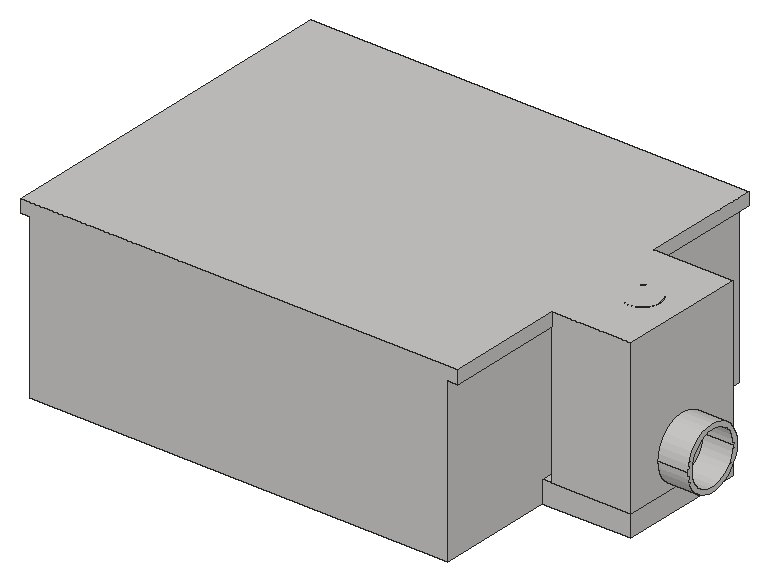
Revit family "Low_Profile_Grease_Interceptor-Zurn-Z1171", category Plumbing Fixtures, Revit 2022
Family settings
  Round Connector Dimension = Use Radius
  Part Type = Normal
  OmniClass Number = 23.45.30.00
  OmniClass Title = Washing and Waste Disposal Equipment
  Work Plane-Based = No
  Always vertical = Yes
  Cut with Voids When Loaded = No
  Maintain Annotation Orientation = No
  Shared = No
  Room Calculation Point = No
Parameters (values of type "Z1171-500 (3 Inch 20 G.P.M)")
  Width of Body (G) = 20.750"
  Waste Connection = 1 = 1  # yes
  WFU = 0  # constant formula
  Vent Connection = 1 = 0  # no
  URL = "www.zurn.com"
  Type Comments = ""
  Product data url = "https://www.bimobject.com/en/zurnindustries/product/zurn-z1171"
  Product Page URL = "https://www.zurn.com/products/drainage-interceptors/interceptors/grease-interceptor/z1171"
  Product Installation Sheet URL = "https://files.zurn.com/care-cleaning-install-warranty-sheets/it110-(1).pdf"
  Product Documentation Link = "https://files.zurn.com/spec-sheets/z1171.pdf"
  Overall Length (F) = 32.375"
  Modified Date = "07/24/25"  # constant formula
  Model = "Z1171"
  Manufacurer Brand = "Zurn"  # constant formula
  Manufacturer = "Zurn Water, LLC"  # constant formula
  Main Material = Steel - Zurn - Fabricated - Acid resistant Coated
  Inlet/Outlet Diameter (Nominal) = 3.000"
  Inlet/Outlet Diameter (Actual) = 3.500"
  Inlet/Outlet Connetor Radius = 1.500"  # constant formula
  Inlet/Outlet (D/E) = 3.125"
  Height of Body (C) = 10.000"
  HWFU = 0  # constant formula
  HW Connection = 1 = 0  # no
  Dimension (H) = 6.750"
  Description = "Low Profile Grease Interceptor"  # constant formula
  Default Elevation = 20.000"  # constant formula
  Date Created = "09/29/15"  # constant formula
  Cutout = [Width of Body (G)] / 2  # 10.375"
  Capacity Water Gal = 15.000"
  Capacity Grease Lbs = 40.000"
  CWFU = 1  # constant formula
  CW Connection = 1 = 0  # no
  Assembly Code = "D2090300"
  Approx. Weight (Lbs) = 102.000"
Types (7): name | Width of Body (G) | Overall Length (F) | Model | Main Material | Inlet/Outlet (D/E) | Height of Body (C) | Dimension (H) | Cutout | Capacity Water Gal | Capacity Grease Lbs | Approx. Weight (Lbs)
  (no name) | 20.750" | 32.375" | "Z1171" | Steel - Zurn - Fabricated - Acid resistant Coated | 3.125" | 10.000" | 6.750" | 10.375" | 15.000" | 40.000" | 102.000"
  Z1171-500 (3 Inch 20 G.P.M) | 20.750" | 32.375" | "Z1171" | Steel - Zurn - Fabricated - Acid resistant Coated | 3.125" | 10.000" | 6.750" | 10.375" | 15.000" | 40.000" | 102.000"
  Z1171-700 (3 Inch 35 G.P.M) | 29.000" | 43.500" | "Z1171" | Steel - Zurn - Fabricated - Acid resistant Coated | 3.313" | 10.750" | 7.000" | 14.500" | 30.000" | 70.000" | 172.000"
  Z1171-800 (3 Inch 50 G.P.M) | 29.000" | 49.875" | "Z1171" | Steel - Zurn - Fabricated - Acid resistant Coated | 10.000" | 16.000" | 10.000" | 14.500" | 45.000" | 100.000" | 210.000"
  ZS1171-500 (3 Inch 20 G.P.M) | 20.750" | 32.375" | "ZS1171" | Steel - Zurn - Fabricated Stainless - Type 304 | 3.125" | 10.000" | 6.750" | 10.375" | 15.000" | 40.000" | 102.000"
  ZS1171-700 (3 Inch 35 G.P.M) | 29.000" | 43.500" | "ZS1171" | Steel - Zurn - Fabricated Stainless - Type 304 | 3.313" | 10.750" | 7.000" | 14.500" | 30.000" | 70.000" | 172.000"
  ZS1171-800 (3 Inch 50 G.P.M) | 29.000" | 49.875" | "ZS1171" | Steel - Zurn - Fabricated Stainless - Type 304 | 10.000" | 16.000" | 10.000" | 14.500" | 45.000" | 100.000" | 210.000"
Reference planes (in)
  plane 1 "Center (Front/Back)": y = 0
  plane 2: z = 0
  plane 3 "Center (Left/Right)": x = 0
  plane 4: x = -16.1875
  plane 5: x = 16.1875
  plane 6: z = 10
  plane 7: z = 9.25
  plane 8 "Connections": z = 3.125
  plane 9: x = 14.4375
  plane 10: x = -15
  plane 11: x = -14.4375
  plane 12: y = -10.375
  plane 13: y = -6.75
  plane 14: y = -14
  plane 15: y = -20.75
  plane 16 "Outlet Side": x = 9.3745
  plane 17: z = 1.375
  plane 18: z = 4.875
  plane 19: x = 9.9375
  plane 20: z = 1.25
  plane 21: z = 6.75
  plane 22: z = 9.125
  plane 23: z = 0.125
  plane 24: x = 9.2495
  plane 25: x = -14.3125
  plane 26: y = -0.125
  plane 27: y = -20.625
  plane 28: x = 9.2495
  plane 29: x = -14.3125
  plane 30: y = -8.625
  plane 31: y = -12.125
  plane 32: x = 12.1875
Forms (in)
  Extrusion 1, solid, material "Steel - Zurn - Fabricated - Acid resistant Coated" <- "Main Material", detail levels fine
    sketch origin (0, 0, 0) x (1, 0, 0) y (0, 0, 1)
      loop
        line (-15, 10) -> (-15, 9.25) -> (-14.4375, 9.25) -> (-14.4375, 0) -> (9.3745, 0) -> (9.3745, 9.25) -> (9.9375, 9.25) -> (9.9375, 10) -> (-15, 10)
    from 0 to 20.75
  Extrusion 2, solid, material "Steel - Zurn - Fabricated - Acid resistant Coated" <- "Main Material", detail levels fine
    sketch origin (0, 0, 0) x (1, 0, 0) y (0, 1, 0)
      loop
        line (9.9375, -6.75) -> (9.9375, -14) -> (14.4375, -14) -> (14.4375, -6.75) -> (9.9375, -6.75)
    from 1.25 to 10
  Extrusion 3, solid, material "Steel - Zurn - Fabricated - Acid resistant Coated" <- "Main Material", detail levels fine
    sketch origin (0, 0, 0) x (0, 1, 0) y (0, 0, 1)
      loop
        circle (-10.375, 3.125) r 1.75
    from 14.4375 to 16.1875
  Extrusion 4, solid, material "Steel - Zurn - Fabricated - Acid resistant Coated" <- "Main Material", detail levels fine
    sketch origin (0, 0, 0) x (0, 1, 0) y (0, 0, 1)
      loop
        circle (-10.375, 3.125) r 1.75
    from -16.1875 to -14.4375
  Extrusion 5, void, detail levels fine
    sketch origin (0, 0, 0) x (0, 1, 0) y (0, 0, 1)
      loop
        circle (-10.375, 3.125) r 1.5
    from 14.4375 to 16.1875
  Extrusion 6, solid, material "Steel - Zurn - Fabricated - Acid resistant Coated" <- "Main Material", detail levels fine
    sketch origin (0, 0, 0) x (1, 0, 0) y (0, 0, 1)
      loop
        line (9.3745, 1.25) -> (9.3745, 0) -> (14.4375, 0) -> (14.4375, 1.25) -> (9.3745, 1.25)
    from 6.75 to 14
  Extrusion 7, void, detail levels fine
    sketch origin (0, 0, 0) x (0, 1, 0) y (0, 0, 1)
      loop
        circle (-10.375, 3.125) r 1.5
    from -16.1875 to -14.4375
  Extrusion 8, void
    sketch origin (0, 0, 0) x (1, 0, 0) y (0, 0, 1)
      loop
        line (-14.3125, 9.125) -> (-14.3125, 0.125) -> (9.2495, 0.125) -> (9.2495, 9.125) -> (-14.3125, 9.125)
    from 0.125 to 20.625
  Extrusion 9, solid, material "Steel - Zurn - Fabricated - Acid resistant Coated" <- "Main Material", detail levels fine
    sketch origin (-27.24362, -180, 3.125) x (-1, 0, 0) y (0, -1, 0)
      loop
        circle (-39.43112, -169.625) r 1
    from 6.125 to 6.875
Cuts and joins
  Extrusion 5, Extrusion 7, Extrusion 8 cuts Extrusion 1
  Extrusion 5, Extrusion 7, Extrusion 8 cuts Extrusion 2
  joined: Extrusion 1, Extrusion 2
  Extrusion 5 cuts Extrusion 3
  Extrusion 7 cuts Extrusion 4
Lines and regions (in)
  Masking region 1, detail levels fine
    outline origin (-27.24362, -180, 3.125) x (-1, 0, 0) y (0, -1, 0)
      loop
        line (-37.18112, -180) -> (-12.24362, -180) -> (-12.24362, -171.375) -> (-11.05612, -171.375) -> (-11.05612, -167.875) -> (-12.24362, -167.875) -> (-12.24362, -159.25) -> (-37.18112, -159.25) -> (-37.18112, -166) -> (-41.68112, -166) -> (-41.68112, -167.875) -> (-43.43112, -167.875) -> (-43.43112, -171.375) -> (-41.68112, -171.375) -> (-41.68112, -173.25) -> (-37.18112, -173.25) -> (-37.18112, -180)
  model lines, detail levels coarse+medium
    curve 1: line (-15, -10.375, 10) -> (14.4375, -10.375, 10)
    curve 2: line (14.4375, -10.375, 10) -> (14.4375, -10.375, 0)
    curve 3: line (9.3745, -10.375, 10) -> (9.3745, -10.375, 0)
    curve 4: line (-14.4375, -10.375, 0) -> (14.4375, -10.375, 0)
    curve 5: line (-14.4375, -10.375, 9.25) -> (-14.4375, -10.375, 0)
    curve 6: line (-15, -10.375, 9.25) -> (-14.4375, -10.375, 9.25)
    curve 7: line (-15, -10.375, 10) -> (-15, -10.375, 9.25)
    curve 8: line (-15, 0, 10) -> (14.4375, 0, 10)
    curve 9: line (-15, -20.75, 10) -> (14.4375, -20.75, 10)
    curve 10: line (14.4375, 0, 10) -> (14.4375, -20.75, 10)
    curve 11: line (-15, 0, 10) -> (-15, -20.75, 10)
    curve 12: line (-16.1875, -10.375, 3.125) -> (16.1875, -10.375, 3.125)
    curve 13: line (-16.1875, -8.625, 3.125) -> (-16.1875, -12.125, 3.125)
    curve 14: line (-16.1875, -10.375, 4.875) -> (-16.1875, -10.375, 1.375)
    curve 15: line (16.1875, -8.625, 3.125) -> (16.1875, -12.125, 3.125)
    curve 16: line (16.1875, -10.375, 4.875) -> (16.1875, -10.375, 1.375)
  symbolic lines, detail levels coarse+medium
    curve 17: line (-15, -20.75, 10) -> (14.4375, -20.75, 10)
    curve 18: line (-14.4375, -20.75, 0) -> (14.4375, -20.75, 0)
    curve 19: line (14.4375, -20.75, 10) -> (14.4375, -20.75, 0)
    curve 20: line (-15, -20.75, 9.25) -> (-14.4375, -20.75, 9.25)
    curve 21: line (-15, -20.75, 10) -> (-15, -20.75, 9.25)
    curve 22: line (-14.4375, -20.75, 9.25) -> (-14.4375, -20.75, 0)
    curve 23: line (-16.1875, -20.75, 4.875) -> (-16.1875, -20.75, 1.375)
    curve 24: line (16.1875, -20.75, 4.875) -> (16.1875, -20.75, 1.375)
    curve 25: line (-16.1875, -20.75, 3.125) -> (16.1875, -20.75, 3.125)
    curve 26: line (16.1875, 0, 10) -> (16.1875, -20.75, 10)
    curve 27: line (16.1875, 0, 0) -> (16.1875, -20.75, 0)
    curve 28: line (16.1875, -10.375, 10) -> (16.1875, -10.375, 0)
    curve 29: line (16.1875, -8.625, 3.125) -> (16.1875, -12.125, 3.125)
    curve 30: line (-15, 0, 3.125) -> (9.9375, 0, 3.125)
    curve 31: line (9.9375, 0, 3.125) -> (9.9375, -6.75, 3.125)
    curve 32: line (9.9375, -14, 3.125) -> (9.9375, -20.75, 3.125)
    curve 33: line (9.9375, -6.75, 3.125) -> (14.4375, -6.75, 3.125)
    curve 34: line (16.1875, -8.625, 3.125) -> (16.1875, -12.125, 3.125)
    curve 35: line (9.9375, -14, 3.125) -> (14.4375, -14, 3.125)
    curve 36: line (14.4375, -12.125, 3.125) -> (14.4375, -14, 3.125)
    curve 37: line (14.4375, -8.625, 3.125) -> (16.1875, -8.625, 3.125)
    curve 38: line (14.4375, -12.125, 3.125) -> (16.1875, -12.125, 3.125)
    curve 39: line (-15, -20.75, 3.125) -> (9.9375, -20.75, 3.125)
    curve 40: line (14.4375, -6.75, 3.125) -> (14.4375, -8.625, 3.125)
    curve 41: line (-15, 0, 3.125) -> (-15, -8.625, 3.125)
    curve 42: line (-16.1875, -8.625, 3.125) -> (-15, -8.625, 3.125)
    curve 43: line (-16.1875, -12.125, 3.125) -> (-15, -12.125, 3.125)
    curve 44: line (-15, -12.125, 3.125) -> (-15, -20.75, 3.125)
    curve 45: line (-16.1875, -8.625, 3.125) -> (-16.1875, -12.125, 3.125)
    curve 46: circle (12.1875, -10.375, 3.125) r 1 normal (0, 0, 1)
Dimensions and locks (in)
  equal spacing: plane 5, plane 3 "Center (Left/Right)", plane 4
  "Overall Length (F)": plane 5 to plane 4
  "Height of Body (C)": plane 6 to plane 2
  "Inlet/Outlet (D/E)": plane 8 "Connections" to plane 2
  locked: plane 6 to plane 7 at 0.75
  locked: plane 5 to plane 9 at 1.75
  locked: plane 4 to plane 11 at 1.75
  locked: plane 11 to plane 10 at 0.5625
  equal spacing: plane 15, plane 12, plane 1 "Center (Front/Back)"  (x2)
  "Width of Body (G)": plane 15 to plane 1 "Center (Front/Back)"  (x2)
  equal spacing: plane 14, plane 12, plane 13
  locked: plane 14 to plane 13 at 7.25
  "Cutout": plane 12 to plane 1 "Center (Front/Back)"
  plane 19 to plane 16 "Outlet Side" = 0.563"
  plane 9 to plane 19 = 4.500"
  plane 4 to plane 5 = 32.375"
  plane 18 to plane 8 "Connections" = 1.750"
  plane 8 "Connections" to plane 17 = 1.750"
  "Inlet/Outlet Diameter (Actual)": plane 18 to plane 17
  plane 20 to plane 2 = 1.250"
  plane 18 to plane 17 = 3.500"
  plane 6 to plane 7 = 0.750"
  plane 17 to plane 20 = 0.125"
  "Dimension (H)": plane 21 to plane 2
  plane 25 to plane 11 = 0.125"
  plane 7 to plane 22 = 0.125"
  plane 16 "Outlet Side" to plane 24 = 0.125"
  plane 23 to plane 2 = 0.125"
  plane 27 to plane 15 = 0.125"
  plane 1 "Center (Front/Back)" to plane 26 = 0.125"
  plane 11 to plane 29 = 0.125"
  plane 28 to plane 16 "Outlet Side" = 0.125"
  plane 9 to plane 10 = 29.4375"
  plane 10 to plane 9 = 29.4375"
  plane 30 to plane 12 = 1.750"
  plane 12 to plane 31 = 1.750"
  plane 32 to plane 9 = 2.250"
  "Inlet/Outlet Diameter (Actual)": diameter of Extrusion 3 sketch curve
  "Inlet/Outlet Diameter (Actual)": diameter of Extrusion 4 sketch curve
  "Inlet/Outlet Diameter (Nominal)": diameter of Extrusion 5 sketch curve
  "Inlet/Outlet Diameter (Nominal)": diameter of Extrusion 7 sketch curve
  aligned and locked: level to plane 2
  aligned and locked: plane 6 to Extrusion 1 sketch curve
  aligned and locked: Extrusion 1 sketch curve to plane 2
  aligned and locked: plane 11 to Extrusion 1 sketch curve
  aligned and locked: Extrusion 1 sketch curve to plane 7
  aligned and locked: Extrusion 1 sketch curve to plane 10
  aligned and locked: Extrusion 1 to plane 15
  aligned and locked: Extrusion 1 sketch curve to plane 16 "Outlet Side"
  aligned and locked: plane 13 to Extrusion 2 sketch curve
  aligned and locked: Extrusion 2 sketch curve to plane 14
  aligned and locked: Extrusion 2 sketch curve to plane 9
  aligned and locked: Extrusion 1 to Extrusion 2
  aligned and locked: plane 5 to Extrusion 3
  aligned and locked: Extrusion 3 to plane 9
  aligned and locked: Extrusion 4 to plane 11
  aligned and locked: Extrusion 4 to plane 4
  aligned and locked: plane 12 to Extrusion 3 sketch curve
  aligned and locked: plane 12 to Extrusion 4 sketch curve
  aligned and locked: plane 8 "Connections" to Extrusion 4 sketch curve
  aligned and locked: plane 14 to cut or joined group of Extrusion 1, Extrusion 2, Extrusion 5, Extrusion 7, Extrusion 8
  aligned and locked: cut or joined group of Extrusion 1, Extrusion 2, Extrusion 5, Extrusion 7, Extrusion 8 to plane 13
  aligned and locked: Extrusion 1 sketch curve to plane 19
  aligned and locked: plane 7 to Extrusion 1 sketch curve
  aligned and locked: plane 12 to Extrusion 5 sketch curve
  aligned and locked: plane 5 to cut or joined group of Extrusion 1, Extrusion 2, Extrusion 5, Extrusion 7, Extrusion 8
  aligned and locked: cut or joined group of Extrusion 1, Extrusion 2, Extrusion 5, Extrusion 7, Extrusion 8 to plane 9
  aligned and locked: cut or joined group of Extrusion 1, Extrusion 2, Extrusion 5, Extrusion 7, Extrusion 8 to plane 1 "Center (Front/Back)"
  aligned and locked: cut or joined group of Extrusion 1, Extrusion 2, Extrusion 5, Extrusion 7, Extrusion 8 to plane 15
  aligned and locked: plane 19 to cut or joined group of Extrusion 1, Extrusion 2, Extrusion 5, Extrusion 7, Extrusion 8
  aligned and locked: cut or joined group of Extrusion 1, Extrusion 2, Extrusion 5, Extrusion 7, Extrusion 8 to plane 10
  aligned and locked: Extrusion 2 to plane 20
  aligned and locked: cut or joined group of Extrusion 1, Extrusion 2, Extrusion 5, Extrusion 7, Extrusion 8 to plane 19
  aligned and locked: cut or joined group of Extrusion 1, Extrusion 2, Extrusion 5, Extrusion 7, Extrusion 8 to plane 20
  aligned and locked: Extrusion 6 sketch curve to plane 20
  aligned and locked: Extrusion 6 sketch curve to plane 9
  aligned and locked: plane 16 "Outlet Side" to Extrusion 6 sketch curve
  aligned and locked: plane 2 to Extrusion 6 sketch curve
  aligned and locked: plane 14 to Extrusion 6
  aligned and locked: Extrusion 6 to plane 13
  aligned and locked: plane 8 "Connections" to Extrusion 5 sketch curve
  aligned and locked: plane 8 "Connections" to Extrusion 3 sketch curve
  aligned and locked: plane 12 to Extrusion 7 sketch curve
  aligned and locked: plane 8 "Connections" to Extrusion 7 sketch curve
  aligned and locked: Extrusion 7 to plane 4
  aligned and locked: Extrusion 7 to plane 11
  aligned and locked: Extrusion 8 sketch curve to plane 22
  aligned and locked: plane 25 to Extrusion 8 sketch curve
  aligned and locked: plane 23 to Extrusion 8 sketch curve
  aligned and locked: Extrusion 8 sketch curve to plane 24
  aligned and locked: plane 26 to cut or joined group of Extrusion 1, Extrusion 2, Extrusion 5, Extrusion 7, Extrusion 8
  aligned and locked: cut or joined group of Extrusion 1, Extrusion 2, Extrusion 5, Extrusion 7, Extrusion 8 to plane 29
  aligned and locked: plane 28 to cut or joined group of Extrusion 1, Extrusion 2, Extrusion 5, Extrusion 7, Extrusion 8
  aligned and locked: cut or joined group of Extrusion 1, Extrusion 2, Extrusion 5, Extrusion 7, Extrusion 8 to plane 27
  aligned and locked: plane 10 to curve 1
  aligned and locked: plane 9 to curve 1
  aligned and locked: plane 12 to curve 1
  aligned and locked: plane 6 to curve 2
  aligned and locked: level to curve 2
  aligned and locked: curve 2 to plane 12
  aligned and locked: plane 6 to curve 3
  aligned and locked: level to curve 3
  aligned and locked: curve 3 to plane 12
  aligned and locked: plane 9 to curve 4
  aligned and locked: plane 11 to curve 4
  aligned and locked: plane 12 to curve 4
  aligned and locked: plane 7 to curve 5
  aligned and locked: level to curve 5
  aligned and locked: curve 5 to plane 12
  aligned and locked: plane 10 to curve 6
  aligned and locked: plane 11 to curve 6
  aligned and locked: plane 12 to curve 6
  aligned and locked: plane 6 to curve 7
  aligned and locked: plane 7 to curve 7
  aligned and locked: curve 7 to plane 12
  aligned and locked: plane 9 to curve 8
  aligned and locked: plane 10 to curve 8
  aligned and locked: plane 1 "Center (Front/Back)" to curve 8
  aligned and locked: curve 9 to plane 15
  aligned and locked: plane 1 "Center (Front/Back)" to curve 10
  aligned and locked: plane 15 to curve 10
  aligned and locked: plane 5 to curve 12
  aligned and locked: plane 12 to curve 12
  aligned and locked: plane 30 to curve 13
  aligned and locked: plane 31 to curve 13
  aligned and locked: curve 13 to plane 8 "Connections"
  aligned and locked: plane 17 to curve 14
  aligned and locked: curve 14 to plane 12
  aligned and locked: plane 30 to curve 15
  aligned and locked: plane 31 to curve 15
  aligned and locked: curve 15 to plane 8 "Connections"
  aligned and locked: plane 18 to curve 16
  aligned and locked: plane 17 to curve 16
  aligned and locked: curve 16 to plane 12
  aligned and locked: curve 17 to plane 6
  aligned and locked: curve 21 to plane 10
  aligned and locked: plane 10 to curve 20
  aligned and locked: plane 11 to curve 20
  aligned and locked: curve 20 to plane 7
  aligned and locked: plane 7 to curve 22
  aligned and locked: plane 11 to curve 18
  aligned and locked: plane 9 to curve 18
  aligned and locked: plane 2 to curve 19
  aligned and locked: curve 19 to plane 9
  aligned and locked: plane 18 to curve 24
  aligned and locked: plane 17 to curve 24
  aligned and locked: curve 24 to plane 5
  aligned and locked: plane 18 to curve 23
  aligned and locked: plane 17 to curve 23
  aligned and locked: curve 23 to plane 4
  aligned and locked: plane 5 to curve 25
  aligned and locked: plane 4 to curve 25
  aligned and locked: curve 25 to plane 8 "Connections"
  aligned and locked: plane 1 "Center (Front/Back)" to curve 26
  aligned and locked: plane 15 to curve 26
  aligned and locked: curve 26 to plane 6
  aligned and locked: plane 1 "Center (Front/Back)" to curve 27
  aligned and locked: plane 15 to curve 27
  aligned and locked: curve 27 to level
  aligned and locked: level to curve 28
  aligned and locked: plane 6 to curve 28
  aligned and locked: curve 28 to plane 12
  aligned and locked: plane 30 to curve 29
  aligned and locked: plane 31 to curve 29
  aligned and locked: curve 29 to plane 8 "Connections"
  aligned and locked: Masking region 1 sketch curve to cut or joined group of Extrusion 1, Extrusion 2, Extrusion 5, Extrusion 7, Extrusion 8  (x2)
  aligned and locked: Masking region 1 sketch curve to cut or joined group of Extrusion 4, Extrusion 7
  aligned and locked: Masking region 1 sketch curve to cut or joined group of Extrusion 3, Extrusion 5
  aligned and locked: plane 31 to Masking region 1 sketch curve  (x2)
  aligned and locked: Masking region 1 sketch curve to plane 10  (x2)
  aligned and locked: plane 30 to Masking region 1 sketch curve  (x2)
  aligned and locked: plane 1 "Center (Front/Back)" to Masking region 1 sketch curve
  aligned and locked: plane 10 to Masking region 1 sketch curve
  aligned and locked: plane 9 to Masking region 1 sketch curve  (x4)
  aligned and locked: Masking region 1 sketch curve to plane 19  (x2)
  aligned and locked: plane 19 to Masking region 1 sketch curve
  aligned and locked: plane 13 to Masking region 1 sketch curve
  aligned and locked: plane 15 to Masking region 1 sketch curve
  aligned and locked: plane 14 to Masking region 1 sketch curve  (x2)
  aligned and locked: plane 1 "Center (Front/Back)" to curve 30
  aligned and locked: plane 1 "Center (Front/Back)" to curve 31
  aligned and locked: curve 31 to plane 19
  aligned and locked: plane 19 to curve 33
  aligned and locked: plane 13 to curve 33
  aligned and locked: plane 30 to curve 34
  aligned and locked: plane 31 to curve 34
  aligned and locked: plane 15 to curve 32
  aligned and locked: plane 19 to curve 35
  aligned and locked: plane 14 to curve 35
  aligned and locked: plane 31 to curve 36
  aligned and locked: plane 14 to curve 36
  aligned and locked: plane 5 to curve 38
  aligned and locked: plane 9 to curve 38
  aligned and locked: plane 9 to curve 37
  aligned and locked: plane 30 to curve 37
  aligned and locked: plane 13 to curve 40
  aligned and locked: curve 40 to plane 9
  aligned and locked: plane 30 to curve 41
  aligned and locked: curve 41 to plane 10
  aligned and locked: plane 10 to curve 42
  aligned and locked: plane 30 to curve 42
  aligned and locked: plane 10 to curve 43
  aligned and locked: plane 4 to curve 43
  aligned and locked: plane 31 to curve 43
  aligned and locked: plane 31 to curve 44
  aligned and locked: plane 15 to curve 44
  aligned and locked: curve 45 to plane 4
  aligned and locked: plane 32 to Extrusion 9 sketch curve
  aligned and locked: plane 12 to Extrusion 9 sketch curve
  aligned and locked: plane 6 to Extrusion 9
  aligned and locked: Extrusion 9 to plane 7
  aligned and locked: plane 32 to curve 46
  aligned and locked: plane 12 to curve 46
Automatic sketch dimensions
  plane 18 to curve 14 = 0.000"
  Extrusion 2 sketch curve to plane 19 = 0.000"
  plane 30 to Masking region 1 sketch curve = 0.000"
  radius of Extrusion 9 sketch curve = 1.000"
  radius of curve 46 = 1.000"
Connectors (in)
  piping at (-16.1875, -10.375, 3.125), diameter 3, driven by "Inlet/Outlet Connetor Radius", driven by "Waste Connection"
    settings: on cut or joined group of Extrusion 4, Extrusion 7, index 1, connector inside diameter 24", connector length 0.000", flow factor 0, pipe flow 0 GPM, pressure drop 0.00 psi, fitting loss kfactor 0, connector angle 0.00°, fixture units 0, engagement length 0.000", angle of deflection 0.00°, flow configuration 0, flow direction 1, fitting loss method 0, system type 16, joint type 0, gender type 0, connector reference index 2, connector utility 1, adjustable connector no, is connector primary yes, connector description "Inlet Connection"
  piping at (16.1875, -10.375, 3.125), diameter 3, driven by "Inlet/Outlet Connetor Radius", driven by "Waste Connection"
    settings: on cut or joined group of Extrusion 3, Extrusion 5, index 2, connector inside diameter 24", connector length 0.000", flow factor 0, pipe flow 0 GPM, pressure drop 0.00 psi, fitting loss kfactor 0, connector angle 0.00°, fixture units 0, engagement length 0.000", angle of deflection 0.00°, flow configuration 0, flow direction 2, fitting loss method 0, system type 16, joint type 0, gender type 0, connector reference index 1, connector utility 1, adjustable connector no, is connector primary no, connector description "Outlet Connection"
